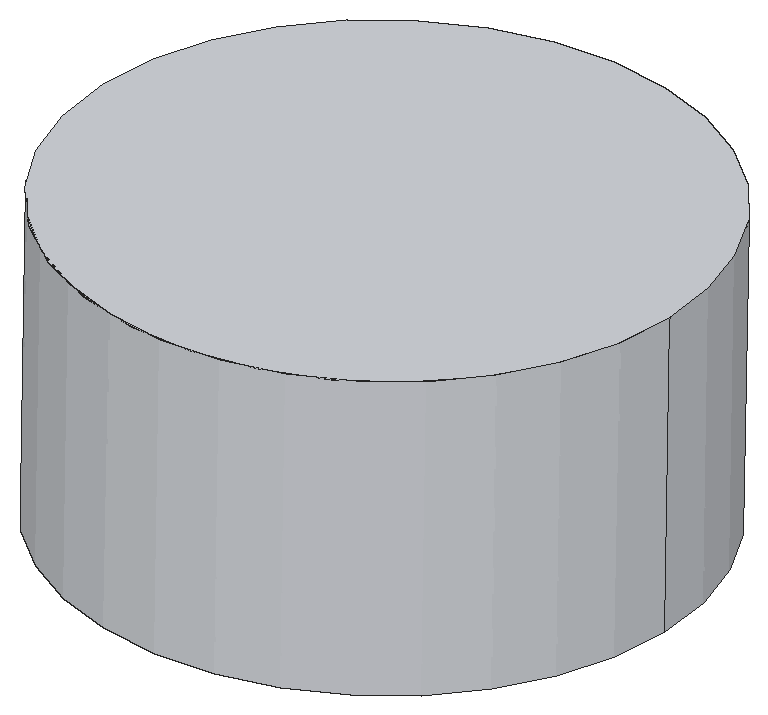
Revit family "03101400", category Specialty Equipment, Revit 2023
Family settings
  Round Connector Dimension = Use Diameter
  Part Type = Normal
  OmniClass Number = 23.40.40.14
  OmniClass Title = Food Service Equipment
  Work Plane-Based = No
  Enable Cutting in Views = Yes
  Always vertical = Yes
  Cut with Voids When Loaded = No
  Maintain Annotation Orientation = No
  Shared = No
  Room Calculation Point = No
Parameters (values of type "Standard")
  URL = "www.rustfriebergh.no"
  Model = "03101400"
  Manufacturer = "Rustfrie Bergh AS"
  Description = "Rullebane RB-1400"
  Default Elevation = 0 mm
  Connector_1_Diameter = 24 mm
Reference planes
  plane 1 "Center (Front/Back)": y = 0
  plane 2: z = 0
  plane 3 "Center (Left/Right)": x = 0
Forms (mm)
  Extrusion 1, solid
    sketch origin (616.548, 0, 661.761) x (0.999833, 0, -0.018288) y (0, -1, 0)
      loop
        circle (0, 0) r 3.048
    from 0 to -3.048
Dimensions and locks
  aligned and locked: level to plane 2
Connectors
  piping at (616.548, 0, 661.761), diameter 24, driven by "Connector_1_Diameter"
    settings: on Extrusion 1, index 1, connector inside diameter 609.6 mm, connector length 0 mm, flow factor 0, pipe flow 0.0 L/s, pressure drop 0.0 Pa, fitting loss kfactor 0, connector angle 0.00°, fixture units 0, engagement length 0 mm, angle of deflection 0.00°, flow configuration 1, flow direction 0, fitting loss method 0, system type 16, joint type 0, gender type 0, connector reference index -1, connector utility 0, adjustable connector no, is connector primary yes, connector description ""
